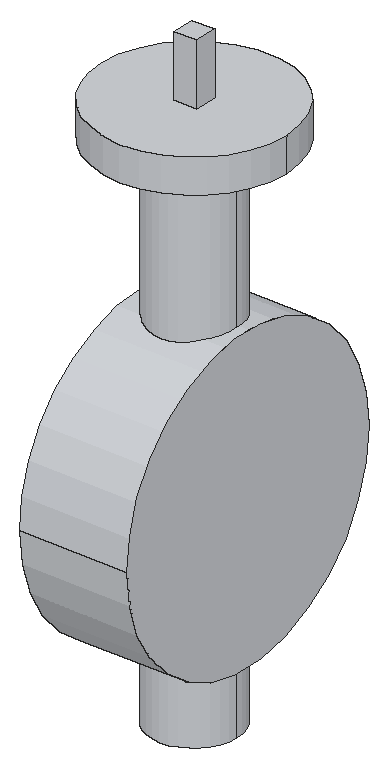
Revit family "HS497-67_disk-litina-volné vřeteno DN100-RFA_2019", category Pipe Accessories, Revit 2019
Family settings
  Round Connector Dimension = Use Diameter
  Part Type = Valve - Breaks Into
  Work Plane-Based = No
  Always vertical = Yes
  Cut with Voids When Loaded = No
  Shared = No
Parameters (values of type "HS 497-67_DN100_PN16_volné vřeteno")
  magiProductId = "65d1b245f4f142c78569c0602d5754"
  magiProductFamilyId = "53cea81e6f374d17b8841d9c72ad77"
  magiPartTypeId = 305
  isMeasuringValve [instance] = no
  ang2D [instance] = 0.00°
  X11 = 61.456 mm
  X1 = 25.456 mm
  W2D = 1000 mm
  VersionID = "2.0/2017.9.26.1/ZETKAMA_497_001"
  Use Minimum Symbol Size [instance] = yes
  URL = "http://www.hydronic.cz"
  Type Comments = "mezipřírubová; litinový disk; PN16; -10~+110°C (krátkodobě +120°C)"
  SW30 = no
  SW3 = no
  SW21 = no
  SW20 = no
  SW2 = no
  SW1 = yes
  R = 50 mm
  QmdConnectorList = "301;D;302;D"
  Productdata [instance] = ""
  NC = 50 mm
  Model = ""
  Manufacturer = "Hydronic Systems Prague s.r.o."
  MM20 = 25.456 mm
  MC Product Code = "123 100 (litinový disk, s volným vřetenem; DN100; PN16, kvs512)"
  M41 = 66 mm
  M4 = 44 mm
  LHL = 220 mm
  LHH3 = 2.45 mm
  LHH1 = 46.55 mm
  LH1 = 73.333 mm
  L4R__ve = -L4R  # -12.8 mm
  L4R = 12.8 mm
  L42__ve = -L42  # -96 mm
  L42 = 96 mm
  L41__ve = -L41  # -19.2 mm
  L41 = 19.2 mm
  L2D_Min = 3048 mm
  L2D = 216 mm
  L2 = 26 mm
  L1 = 41.6 mm
  L = 52 mm
  H = 30 mm
  G22 = 11.25 mm
  G2 = 22.5 mm
  G1 = 90 mm
  G = 90 mm
  F = 11 mm
  E44 = 31.25 mm
  E42 = 62.5 mm
  E4 = 125 mm
  E23 = 4.9 mm
  E22 = 19.6 mm
  E21 = 9.8 mm
  Description = "Mezipřírubová uzavírací klapka s volným vřetenem; litinový disk, DN100; PN16; kvs512"
  DR2 = 50 mm
  DR = 147 mm
  DD1 = 15.625 mm
  DD = 12.5 mm
  D = 100 mm
  CAT0 = yes
  B2__ve = -B2  # -56 mm
  B2 = 56 mm
  A2 = 16.5 mm
  A1 = 98.5 mm
Types (43, lengths in mm): name | magiProductId | X11 | X1 | Type Comments | SW30 | SW3 | SW20 | SW2 | SW1 | R | NC | MM20 | MC Product Code | M41 | M4 | LHL | LHH3 | LHH1 | LH1 | L4R__ve | L4R | L42__ve | L42 | L41__ve | L41 | L2 | L1 | L | H | G | F | E44 | E42 | E4 | E23 | E22 | E21 | Description | DR2 | DR | DD1 | DD | D | B2__ve | B2 | A2 | A1
  HS 497-67_DN100_PN16_volné vřeteno | "65d1b245f4f142c78569c0602d5754" | 61.456 | 25.456 | "mezipřírubová; litinový disk; PN16; -10~+110°C (krátkodobě +120°C)" | no | no | no | no | yes | 50 | 50 | 25.456 | "123 100 (litinový disk, s volným vřetenem; DN100; PN16, kvs512)" | 66 | 44 | 220 | 2.45 | 46.55 | 73.333 | -12.8 | 12.8 | -96 | 96 | -19.2 | 19.2 | 26 | 41.6 | 52 | 30 | 90 | 11 | 31.25 | 62.5 | 125 | 4.9 | 19.6 | 9.8 | "Mezipřírubová uzavírací klapka s volným vřetenem; litinový disk, DN100; PN16; kvs512" | 50 | 147 | 15.625 | 12.5 | 100 | -56 | 56 | 16.5 | 98.5
  HS 497-67_DN100_PN16_převodové kolo | "11e91b807e674d428c8e796fcdcfe2" | 61.456 | 25.456 | "mezipřírubová; litinový disk; PN16; -10~+110°C (krátkodobě +120°C)" | yes | yes | no | no | no | 50 | 50 | 25.456 | "125 100 (litinový disk, s převodovým kolem; DN100; PN16, kvs512)" | 65.25 | 43.5 | 220 | 2.45 | 46.55 | 73.333 | -12.8 | 12.8 | -96 | 96 | -19.2 | 19.2 | 26 | 41.6 | 52 | 30 | 90 | 11 | 31.25 | 62.5 | 125 | 4.9 | 19.6 | 9.8 | "Mezipřírubová uzavírací klapka s převodovým kolem; litinový disk, DN100; PN16; kvs512" | 50 | 147 | 15.625 | 12.5 | 100 | -56 | 56 | 16.5 | 98.5
  HS 497-67_DN100_PN16_s pákou | "28172f0b3f4b47b28323ac71cf8749" | 61.456 | 25.456 | "mezipřírubová; litinový disk; PN16; -10~+110°C (krátkodobě +120°C)" | no | no | yes | yes | no | 50 | 50 | 25.456 | "120 100 (litinový disk, s pákou; DN100; PN16, kvs512)" | 66 | 44 | 260 | 3 | 57 | 86.667 | -12.8 | 12.8 | -96 | 96 | -19.2 | 19.2 | 26 | 41.6 | 52 | 30 | 90 | 11 | 31.25 | 62.5 | 125 | 6 | 24 | 12 | "Mezipřírubová uzavírací klapka s pákou; litinový disk, DN100; PN16; kvs512" | 50 | 147 | 15.625 | 12.5 | 100 | -56 | 56 | 16.5 | 98.5
  HS 497-67_DN125_PN16_volné vřeteno | "0d813d910fc14f628bb3c2efbd185c" | 61.456 | 25.456 | "mezipřírubová; litinový disk; PN16; -10~+110°C (krátkodobě +120°C)" | no | no | no | no | yes | 62.5 | 50 | 25.456 | "123 125 (litinový disk, s volným vřetenem; DN125; PN16, kvs872)" | 66 | 44 | 220 | 2.45 | 46.55 | 73.333 | -12.8 | 12.8 | -96 | 96 | -19.2 | 19.2 | 28 | 44.8 | 56 | 33 | 90 | 14 | 31.25 | 62.5 | 125 | 4.9 | 19.6 | 9.8 | "Mezipřírubová uzavírací klapka s volným vřetenem; litinový disk, DN125; PN16; kvs872" | 62.5 | 180 | 15.625 | 12.5 | 125 | -64 | 64 | 18 | 99.5
  HS 497-67_DN125_PN16_převodové kolo | "c56b7c13f372467684996fb1e0e229" | 61.456 | 25.456 | "mezipřírubová; litinový disk; PN16; -10~+110°C (krátkodobě +120°C)" | yes | yes | no | no | no | 62.5 | 50 | 25.456 | "125 125 (litinový disk, s převodovým kolem; DN125; PN16, kvs872)" | 65.25 | 43.5 | 220 | 2.45 | 46.55 | 73.333 | -13.5 | 13.5 | -101.25 | 101.25 | -20.25 | 20.25 | 28 | 44.8 | 56 | 33 | 90 | 14 | 40 | 80 | 160 | 4.9 | 19.6 | 9.8 | "Mezipřírubová uzavírací klapka s převodovým kolem; litinový disk, DN125; PN16; kvs872" | 62.5 | 180 | 20 | 16 | 125 | -64 | 64 | 18 | 99.5
  HS 497-67_DN125_PN16_s pákou | "105993c79a91492399feef7931321a" | 61.456 | 25.456 | "mezipřírubová; litinový disk; PN16; -10~+110°C (krátkodobě +120°C)" | no | no | yes | yes | no | 62.5 | 50 | 25.456 | "120 125 (litinový disk, s pákou; DN125; PN16, kvs872)" | 66 | 44 | 315 | 3.75 | 71.25 | 105 | -12.8 | 12.8 | -96 | 96 | -19.2 | 19.2 | 28 | 44.8 | 56 | 33 | 90 | 14 | 31.25 | 62.5 | 125 | 7.5 | 30 | 15 | "Mezipřírubová uzavírací klapka s pákou; litinový disk, DN125; PN16; kvs872" | 62.5 | 180 | 15.625 | 12.5 | 125 | -64 | 64 | 18 | 99.5
  HS 497-67_DN150_PN16_volné vřeteno | "50c80cb8ab434f55ab7796e5ac1331" | 61.456 | 25.456 | "mezipřírubová; litinový disk; PN16; -10~+110°C (krátkodobě +120°C)" | no | no | no | no | yes | 75 | 50 | 25.456 | "123 150 (litinový disk, s volným vřetenem; DN150; PN16, kvs1347)" | 66 | 44 | 220 | 2.45 | 46.55 | 73.333 | -12.8 | 12.8 | -96 | 96 | -19.2 | 19.2 | 28 | 44.8 | 56 | 33 | 90 | 14 | 31.25 | 62.5 | 125 | 4.9 | 19.6 | 9.8 | "Mezipřírubová uzavírací klapka s volným vřetenem; litinový disk, DN150; PN16; kvs1347" | 75 | 206 | 15.625 | 12.5 | 150 | -58 | 58 | 19.3 | 98.7
  HS 497-67_DN150_PN16_převodové kolo | "d94a1a0cf83b476eb10011b327f709" | 61.456 | 25.456 | "mezipřírubová; litinový disk; PN16; -10~+110°C (krátkodobě +120°C)" | yes | yes | no | no | no | 75 | 50 | 25.456 | "125 150 (litinový disk, s převodovým kolem; DN150; PN16, kvs1347)" | 65.25 | 43.5 | 220 | 2.45 | 46.55 | 73.333 | -13.5 | 13.5 | -101.25 | 101.25 | -20.25 | 20.25 | 28 | 44.8 | 56 | 33 | 90 | 14 | 40 | 80 | 160 | 4.9 | 19.6 | 9.8 | "Mezipřírubová uzavírací klapka s převodovým kolem; litinový disk, DN150; PN16; kvs1347" | 75 | 206 | 20 | 16 | 150 | -58 | 58 | 19.3 | 98.7
  HS 497-67_DN150_PN16_s pákou | "4d2835523fe84828bc50ff0a5a0dfb" | 61.456 | 25.456 | "mezipřírubová; litinový disk; PN16; -10~+110°C (krátkodobě +120°C)" | no | no | yes | yes | no | 75 | 50 | 25.456 | "120 150 (litinový disk, s pákou; DN150; PN16, kvs1347)" | 66 | 44 | 315 | 3.75 | 71.25 | 105 | -12.8 | 12.8 | -96 | 96 | -19.2 | 19.2 | 28 | 44.8 | 56 | 33 | 90 | 14 | 31.25 | 62.5 | 125 | 7.5 | 30 | 15 | "Mezipřírubová uzavírací klapka s pákou; litinový disk, DN150; PN16; kvs1347" | 75 | 206 | 15.625 | 12.5 | 150 | -58 | 58 | 19.3 | 98.7
  HS 497-67_DN200_PN16_volné vřeteno | "5b29029eaeba47139ee1055a4b9201" | 61.456 | 25.456 | "mezipřírubová; litinový disk; PN16; -10~+110°C (krátkodobě +120°C)" | no | no | no | no | yes | 100 | 50 | 25.456 | "123 200 (litinový disk, s volným vřetenem; DN200; PN16, kvs2675)" | 66 | 44 | 220 | 2.45 | 46.55 | 73.333 | -12.8 | 12.8 | -96 | 96 | -19.2 | 19.2 | 30 | 48 | 60 | 33 | 90 | 17 | 31.25 | 62.5 | 125 | 4.9 | 19.6 | 9.8 | "Mezipřírubová uzavírací klapka s volným vřetenem; litinový disk, DN200; PN16; kvs2675" | 100 | 257 | 15.625 | 12.5 | 200 | -70 | 70 | 22.5 | 102.5
  HS 497-67_DN200_PN16_převodové kolo | "b2793cc1fcc44cf2a35062cd67c04f" | 61.456 | 25.456 | "mezipřírubová; litinový disk; PN16; -10~+110°C (krátkodobě +120°C)" | yes | yes | no | no | no | 100 | 57 | 25.456 | "125 200 (litinový disk, s převodovým kolem; DN200; PN16, kvs2675)" | 78.75 | 52.5 | 220 | 2.45 | 46.55 | 73.333 | -15.2 | 15.2 | -114 | 114 | -22.8 | 22.8 | 30 | 48 | 60 | 33 | 90 | 17 | 50 | 100 | 200 | 4.9 | 19.6 | 9.8 | "Mezipřírubová uzavírací klapka s převodovým kolem; litinový disk, DN200; PN16; kvs2675" | 100 | 257 | 25 | 20 | 200 | -70 | 70 | 22.5 | 102.5
  HS 497-67_DN200_PN16_s pákou | "f88d96c7af224537a51e72d7d8fffe" | 61.456 | 25.456 | "mezipřírubová; litinový disk; PN16; -10~+110°C (krátkodobě +120°C)" | no | no | yes | yes | no | 100 | 50 | 25.456 | "120 200 (litinový disk, s pákou; DN200; PN16, kvs2675)" | 66 | 44 | 315 | 3.75 | 71.25 | 105 | -12.8 | 12.8 | -96 | 96 | -19.2 | 19.2 | 30 | 48 | 60 | 33 | 90 | 17 | 31.25 | 62.5 | 125 | 7.5 | 30 | 15 | "Mezipřírubová uzavírací klapka s pákou; litinový disk, DN200; PN16; kvs2675" | 100 | 257 | 15.625 | 12.5 | 200 | -70 | 70 | 22.5 | 102.5
  HS 497-67_DN250_PN16_volné vřeteno | "b662e8305ca2402b9c510e66e6aa55" | 88.77 | 36.77 | "mezipřírubová; litinový disk; PN16; -10~+110°C (krátkodobě +120°C)" | no | no | no | no | yes | 125 | 50 | 36.77 | "123 250 (litinový disk, s volným vřetenem; DN250; PN16, kvs4555)" | 66 | 44 | 220 | 2.45 | 46.55 | 73.333 | -12.8 | 12.8 | -96 | 96 | -19.2 | 19.2 | 34 | 54.4 | 68 | 23 | 130 | 22 | 31.25 | 62.5 | 125 | 4.9 | 19.6 | 9.8 | "Mezipřírubová uzavírací klapka s volným vřetenem; litinový disk, DN250; PN16; kvs4555" | 125 | 324 | 15.625 | 12.5 | 250 | -85 | 85 | 28.25 | 129.25
  HS 497-67_DN250_PN16_převodové kolo | "5ee9016806664ddfaa2632711f295c" | 88.77 | 36.77 | "mezipřírubová; litinový disk; PN16; -10~+110°C (krátkodobě +120°C)" | yes | yes | no | no | no | 125 | 70 | 36.77 | "125 250 (litinový disk, s převodovým kolem; DN250; PN16, kvs4555)" | 91.5 | 61 | 220 | 2.45 | 46.55 | 73.333 | -22.2 | 22.2 | -166.5 | 166.5 | -33.3 | 33.3 | 34 | 54.4 | 68 | 23 | 130 | 22 | 62.5 | 125 | 250 | 4.9 | 19.6 | 9.8 | "Mezipřírubová uzavírací klapka s převodovým kolem; litinový disk, DN250; PN16; kvs4555" | 125 | 324 | 31.25 | 25 | 250 | -85 | 85 | 28.25 | 129.25
  HS 497-67_DN300_PN16_volné vřeteno | "e1886f51ff004380a649519258edf2" | 88.77 | 36.77 | "mezipřírubová; litinový disk; PN16; -10~+110°C (krátkodobě +120°C)" | no | no | no | no | yes | 150 | 50 | 36.77 | "123 300 (litinový disk, s volným vřetenem; DN300; PN16, kvs7037)" | 66 | 44 | 220 | 2.45 | 46.55 | 73.333 | -12.8 | 12.8 | -96 | 96 | -19.2 | 19.2 | 39 | 62.4 | 78 | 23 | 130 | 22 | 31.25 | 62.5 | 125 | 4.9 | 19.6 | 9.8 | "Mezipřírubová uzavírací klapka s volným vřetenem; litinový disk, DN300; PN16; kvs7037" | 150 | 376 | 15.625 | 12.5 | 300 | -90 | 90 | 30.8 | 127.2
  HS 497-67_DN300_PN16_převodové kolo | "6860f094f77d42088fbebc3c97f755" | 88.77 | 36.77 | "mezipřírubová; litinový disk; PN16; -10~+110°C (krátkodobě +120°C)" | yes | yes | no | no | no | 150 | 70 | 36.77 | "125 300 (litinový disk, s převodovým kolem; DN300; PN16, kvs7037)" | 91.5 | 61 | 220 | 2.45 | 46.55 | 73.333 | -22.2 | 22.2 | -166.5 | 166.5 | -33.3 | 33.3 | 39 | 62.4 | 78 | 23 | 130 | 22 | 62.5 | 125 | 250 | 4.9 | 19.6 | 9.8 | "Mezipřírubová uzavírací klapka s převodovým kolem; litinový disk, DN300; PN16; kvs7037" | 150 | 376 | 31.25 | 25 | 300 | -90 | 90 | 30.8 | 127.2
  HS 497-67_DN032_PN16_volné vřeteno | "8c5f65de52aa4067a77564107e31b2" | 61.456 | 25.456 | "mezipřírubová; litinový disk; PN16; -10~+110°C (krátkodobě +120°C)" | no | no | no | no | yes | 16 | 50 | 25.456 | "123 032 (litinový disk, s volným vřetenem; DN32; PN16, kvs78)" | 66 | 44 | 220 | 2.45 | 46.55 | 73.333 | -12.8 | 12.8 | -96 | 96 | -19.2 | 19.2 | 16.5 | 26.4 | 33 | 30 | 90 | 11 | 31.25 | 62.5 | 125 | 4.9 | 19.6 | 9.8 | "Mezipřírubová uzavírací klapka s volným vřetenem; litinový disk, DN32; PN16; kvs78" | 16 | 68 | 15.625 | 12.5 | 32 | -44.2 | 44.2 | 10.25 | 76.25
  HS 497-67_DN032_PN16_převodové kolo | "60aaeffa8b3a4e809ef000e4660060" | 61.456 | 25.456 | "mezipřírubová; litinový disk; PN16; -10~+110°C (krátkodobě +120°C)" | yes | yes | no | no | no | 16 | 50 | 25.456 | "125 032 (litinový disk, s převodovým kolem; DN32; PN16, kvs78)" | 65.25 | 43.5 | 220 | 2.45 | 46.55 | 73.333 | -12.8 | 12.8 | -96 | 96 | -19.2 | 19.2 | 16.5 | 26.4 | 33 | 30 | 90 | 11 | 31.25 | 62.5 | 125 | 4.9 | 19.6 | 9.8 | "Mezipřírubová uzavírací klapka s převodovým kolem; litinový disk, DN32; PN16; kvs78" | 16 | 68 | 15.625 | 12.5 | 32 | -44.2 | 44.2 | 10.25 | 76.25
  HS 497-67_DN032_PN16_s pákou | "9ad8088d610749a1b871aa2aad8007" | 61.456 | 25.456 | "mezipřírubová; litinový disk; PN16; -10~+110°C (krátkodobě +120°C)" | no | no | yes | yes | no | 16 | 50 | 25.456 | "120 032 (litinový disk, s pákou; DN32; PN16, kvs78)" | 66 | 44 | 220 | 2.45 | 46.55 | 73.333 | -12.8 | 12.8 | -96 | 96 | -19.2 | 19.2 | 16.5 | 26.4 | 33 | 30 | 90 | 11 | 31.25 | 62.5 | 125 | 4.9 | 19.6 | 9.8 | "Mezipřírubová uzavírací klapka s pákou; litinový disk, DN32; PN16; kvs78" | 16 | 68 | 15.625 | 12.5 | 32 | -44.2 | 44.2 | 10.25 | 76.25
  HS 497-67_DN350_PN10_volné vřeteno | "72a1e05f22944421b7e9596a877137" | 109.255 | 45.255 | "mezipřírubová; litinový disk; PN10; -10~+110°C (krátkodobě +120°C)" | no | no | no | no | yes | 175 | 50 | 45.255 | "123 350 (litinový disk, s volným vřetenem; DN350; PN10, kvs10165)" | 66 | 44 | 220 | 2.45 | 46.55 | 73.333 | -12.8 | 12.8 | -96 | 96 | -19.2 | 19.2 | 39 | 62.4 | 78 | 31 | 160 | 22 | 31.25 | 62.5 | 125 | 4.9 | 19.6 | 9.8 | "Mezipřírubová uzavírací klapka s volným vřetenem; litinový disk, DN350; PN10; kvs10165" | 175 | 430 | 15.625 | 12.5 | 350 | -88 | 88 | 33.85 | 129.65
  HS 497-67_DN350_PN10_převodové kolo | "a5a01426cb28494ba3afca92f1dace" | 109.255 | 45.255 | "mezipřírubová; litinový disk; PN10; -10~+110°C (krátkodobě +120°C)" | yes | yes | no | no | no | 175 | 70 | 45.255 | "125 350 (litinový disk, s převodovým kolem; DN350; PN10, kvs10165)" | 91.5 | 61 | 220 | 2.45 | 46.55 | 73.333 | -22.2 | 22.2 | -166.5 | 166.5 | -33.3 | 33.3 | 39 | 62.4 | 78 | 31 | 160 | 22 | 62.5 | 125 | 250 | 4.9 | 19.6 | 9.8 | "Mezipřírubová uzavírací klapka s převodovým kolem; litinový disk, DN350; PN10; kvs10165" | 175 | 430 | 31.25 | 25 | 350 | -88 | 88 | 33.85 | 129.65
  HS 497-67_DN400_PN10_volné vřeteno | "c70ebeb927c04ab99b176e257ad0a7" | 109.255 | 45.255 | "mezipřírubová; litinový disk; PN10; -10~+110°C (krátkodobě +120°C)" | no | no | no | no | yes | 200 | 50 | 45.255 | "123 400 (litinový disk, s volným vřetenem; DN400; PN10, kvs13799)" | 66 | 44 | 220 | 2.45 | 46.55 | 73.333 | -12.8 | 12.8 | -96 | 96 | -19.2 | 19.2 | 51 | 81.6 | 102 | 31 | 160 | 27 | 31.25 | 62.5 | 125 | 4.9 | 19.6 | 9.8 | "Mezipřírubová uzavírací klapka s volným vřetenem; litinový disk, DN400; PN10; kvs13799" | 200 | 485 | 15.625 | 12.5 | 400 | -108 | 108 | 38 | 142
  HS 497-67_DN400_PN10_převodové kolo | "cc64a4384dcb41b780d81810f4f293" | 109.255 | 45.255 | "mezipřírubová; litinový disk; PN10; -10~+110°C (krátkodobě +120°C)" | yes | yes | no | no | no | 200 | 72.5 | 45.255 | "125 400 (litinový disk, s převodovým kolem; DN400; PN10, kvs13799)" | 103.5 | 69 | 220 | 2.45 | 46.55 | 73.333 | -27.8 | 27.8 | -208.5 | 208.5 | -41.7 | 41.7 | 51 | 81.6 | 102 | 31 | 160 | 27 | 75 | 150 | 300 | 4.9 | 19.6 | 9.8 | "Mezipřírubová uzavírací klapka s převodovým kolem; litinový disk, DN400; PN10; kvs13799" | 200 | 485 | 37.5 | 30 | 400 | -108 | 108 | 38 | 142
  HS 497-67_DN040_PN16_volné vřeteno | "35f92312390745e88df5b5c325d9ee" | 61.456 | 25.456 | "mezipřírubová; litinový disk; PN16; -10~+110°C (krátkodobě +120°C)" | no | no | no | no | yes | 20 | 50 | 25.456 | "123 040 (litinový disk, s volným vřetenem; DN40; PN16, kvs78)" | 66 | 44 | 220 | 2.45 | 46.55 | 73.333 | -12.8 | 12.8 | -96 | 96 | -19.2 | 19.2 | 16.5 | 26.4 | 33 | 30 | 90 | 11 | 31.25 | 62.5 | 125 | 4.9 | 19.6 | 9.8 | "Mezipřírubová uzavírací klapka s volným vřetenem; litinový disk, DN40; PN16; kvs78" | 20 | 76 | 15.625 | 12.5 | 40 | -36 | 36 | 11 | 79
  HS 497-67_DN040_PN16_převodové kolo | "d88e968eae3445bc9b7b4e6ff35127" | 61.456 | 25.456 | "mezipřírubová; litinový disk; PN16; -10~+110°C (krátkodobě +120°C)" | yes | yes | no | no | no | 20 | 50 | 25.456 | "125 040 (litinový disk, s převodovým kolem; DN40; PN16, kvs78)" | 65.25 | 43.5 | 220 | 2.45 | 46.55 | 73.333 | -12.8 | 12.8 | -96 | 96 | -19.2 | 19.2 | 16.5 | 26.4 | 33 | 30 | 90 | 11 | 31.25 | 62.5 | 125 | 4.9 | 19.6 | 9.8 | "Mezipřírubová uzavírací klapka s převodovým kolem; litinový disk, DN40; PN16; kvs78" | 20 | 76 | 15.625 | 12.5 | 40 | -36 | 36 | 11 | 79
  HS 497-67_DN040_PN16_s pákou | "c1b522ca65b4407a98818f232eaacb" | 61.456 | 25.456 | "mezipřírubová; litinový disk; PN16; -10~+110°C (krátkodobě +120°C)" | no | no | yes | yes | no | 20 | 50 | 25.456 | "120 040 (litinový disk, s pákou; DN40; PN16, kvs78)" | 66 | 44 | 220 | 2.45 | 46.55 | 73.333 | -12.8 | 12.8 | -96 | 96 | -19.2 | 19.2 | 16.5 | 26.4 | 33 | 30 | 90 | 11 | 31.25 | 62.5 | 125 | 4.9 | 19.6 | 9.8 | "Mezipřírubová uzavírací klapka s pákou; litinový disk, DN40; PN16; kvs78" | 20 | 76 | 15.625 | 12.5 | 40 | -36 | 36 | 11 | 79
  HS 497-67_DN450_PN10_volné vřeteno | "a8358bc282f14872b3194e530e590a" | 129.74 | 53.74 | "mezipřírubová; litinový disk; PN10; -10~+110°C (krátkodobě +120°C)" | no | no | no | no | yes | 225 | 50 | 53.74 | "123 450 (litinový disk, s volným vřetenem; DN450; PN10, kvs18514)" | 66 | 44 | 220 | 2.45 | 46.55 | 73.333 | -12.8 | 12.8 | -96 | 96 | -19.2 | 19.2 | 57 | 91.2 | 114 | 38 | 190 | 36 | 31.25 | 62.5 | 125 | 4.9 | 19.6 | 9.8 | "Mezipřírubová uzavírací klapka s volným vřetenem; litinový disk, DN450; PN10; kvs18514" | 225 | 536 | 15.625 | 12.5 | 450 | -115 | 115 | 38.05 | 117.45
  HS 497-67_DN450_PN10_převodové kolo | "cdf2d80f54a9414f9cbe50647c0ebd" | 129.74 | 53.74 | "mezipřírubová; litinový disk; PN10; -10~+110°C (krátkodobě +120°C)" | yes | yes | no | no | no | 225 | 91.5 | 53.74 | "125 450 (litinový disk, s převodovým kolem; DN450; PN10, kvs18514)" | 144.75 | 96.5 | 220 | 2.45 | 46.55 | 73.333 | -32.1 | 32.1 | -240.75 | 240.75 | -48.15 | 48.15 | 57 | 91.2 | 114 | 38 | 190 | 36 | 100 | 200 | 400 | 4.9 | 19.6 | 9.8 | "Mezipřírubová uzavírací klapka s převodovým kolem; litinový disk, DN450; PN10; kvs18514" | 225 | 536 | 50 | 40 | 450 | -115 | 115 | 38.05 | 117.45
  HS 497-67_DN500_PN10_volné vřeteno | "8c396e27bb2743f98f3c762b6517cd" | 143.397 | 59.397 | "mezipřírubová; litinový disk; PN10; -10~+110°C (krátkodobě +120°C)" | no | no | no | no | yes | 250 | 50 | 59.397 | "123 500 (litinový disk, s volným vřetenem; DN500; PN10, kvs23805)" | 66 | 44 | 220 | 2.45 | 46.55 | 73.333 | -12.8 | 12.8 | -96 | 96 | -19.2 | 19.2 | 63.5 | 101.6 | 127 | 38 | 210 | 36 | 31.25 | 62.5 | 125 | 4.9 | 19.6 | 9.8 | "Mezipřírubová uzavírací klapka s volným vřetenem; litinový disk, DN500; PN10; kvs23805" | 250 | 593 | 15.625 | 12.5 | 500 | -130 | 130 | 43.25 | 139.25
  HS 497-67_DN500_PN10_převodové kolo | "7647804f32e94cef828a7034a91a46" | 143.397 | 59.397 | "mezipřírubová; litinový disk; PN10; -10~+110°C (krátkodobě +120°C)" | yes | yes | no | no | no | 250 | 91.5 | 59.397 | "125 500 (litinový disk, s převodovým kolem; DN500; PN10, kvs23805)" | 144.75 | 96.5 | 220 | 2.45 | 46.55 | 73.333 | -32.1 | 32.1 | -240.75 | 240.75 | -48.15 | 48.15 | 63.5 | 101.6 | 127 | 38 | 210 | 36 | 100 | 200 | 400 | 4.9 | 19.6 | 9.8 | "Mezipřírubová uzavírací klapka s převodovým kolem; litinový disk, DN500; PN10; kvs23805" | 250 | 593 | 50 | 40 | 500 | -130 | 130 | 43.25 | 139.25
  HS 497-67_DN050_volné vřeteno | "d71f296ecd6d4adf8f6e5d9853b4e0" | 61.456 | 25.456 | "mezipřírubová; litinový disk; PN16; -10~+110°C (krátkodobě +120°C)" | no | no | no | no | yes | 25 | 50 | 25.456 | "123 050 (litinový disk, s volným vřetenem; DN50; PN16, kvs98)" | 66 | 44 | 220 | 2.45 | 46.55 | 73.333 | -12.8 | 12.8 | -96 | 96 | -19.2 | 19.2 | 21.5 | 34.4 | 43 | 30 | 90 | 11 | 31.25 | 62.5 | 125 | 4.9 | 19.6 | 9.8 | "Mezipřírubová uzavírací klapka s volným vřetenem; litinový disk, DN50; PN16; kvs98" | 25 | 100 | 15.625 | 12.5 | 50 | -36.5 | 36.5 | 12 | 83
  HS 497-67_DN050_PN16_převodové kolo | "2fb080deeaed49c58418b94c1da5a4" | 61.456 | 25.456 | "mezipřírubová; litinový disk; PN16; -10~+110°C (krátkodobě +120°C)" | yes | yes | no | no | no | 25 | 50 | 25.456 | "125 050 (litinový disk, s převodovým kolem; DN50; PN16, kvs98)" | 65.25 | 43.5 | 220 | 2.45 | 46.55 | 73.333 | -12.8 | 12.8 | -96 | 96 | -19.2 | 19.2 | 21.5 | 34.4 | 43 | 30 | 90 | 11 | 31.25 | 62.5 | 125 | 4.9 | 19.6 | 9.8 | "Mezipřírubová uzavírací klapka s převodovým kolem; litinový disk, DN50; PN16; kvs98" | 25 | 100 | 15.625 | 12.5 | 50 | -36.5 | 36.5 | 12 | 83
  HS 497-67_DN050_PN16_s pákou | "dabc632061f94877a994b9b4e68112" | 61.456 | 25.456 | "mezipřírubová; litinový disk; PN16; -10~+110°C (krátkodobě +120°C)" | no | no | yes | yes | no | 25 | 50 | 25.456 | "120 050 (litinový disk, s pákou; DN50; PN16, kvs98)" | 66 | 44 | 220 | 2.45 | 46.55 | 73.333 | -12.8 | 12.8 | -96 | 96 | -19.2 | 19.2 | 21.5 | 34.4 | 43 | 30 | 90 | 11 | 31.25 | 62.5 | 125 | 4.9 | 19.6 | 9.8 | "Mezipřírubová uzavírací klapka s pákou; litinový disk, DN50; PN16; kvs98" | 25 | 100 | 15.625 | 12.5 | 50 | -36.5 | 36.5 | 12 | 83
  HS 497-67_DN600_PN10_volné vřeteno | "99d5892c14664fce81a7c5903f7711" | 143.397 | 59.397 | "mezipřírubová; litinový disk; PN10; -10~+110°C (krátkodobě +120°C)" | no | no | no | no | yes | 300 | 50 | 59.397 | "123 600 (litinový disk, s volným vřetenem; DN600; PN10, kvs36778)" | 66 | 44 | 220 | 2.45 | 46.55 | 73.333 | -12.8 | 12.8 | -96 | 96 | -19.2 | 19.2 | 77 | 123.2 | 154 | 80 | 210 | 60 | 31.25 | 62.5 | 125 | 4.9 | 19.6 | 9.8 | "Mezipřírubová uzavírací klapka s volným vřetenem; litinový disk, DN600; PN10; kvs36788" | 300 | 690 | 15.625 | 12.5 | 600 | -140 | 140 | 49.4 | 144.6
  HS 497-67_DN600_PN10_převodové kolo | "b1e26faab48a4c499f6bb11e7e3002" | 143.397 | 59.397 | "mezipřírubová; litinový disk; PN10; -10~+110°C (krátkodobě +120°C)" | yes | yes | no | no | no | 300 | 140 | 59.397 | "125 600 (litinový disk, s převodovým kolem; DN600; PN10, kvs36778)" | 206.25 | 137.5 | 220 | 2.45 | 46.55 | 73.333 | -40.8 | 40.8 | -306 | 306 | -61.2 | 61.2 | 77 | 123.2 | 154 | 80 | 210 | 60 | 125 | 250 | 500 | 4.9 | 19.6 | 9.8 | "Mezipřírubová uzavírací klapka s převodovým kolem; litinový disk, DN600; PN10; kvs36788" | 300 | 690 | 62.5 | 50 | 600 | -140 | 140 | 49.4 | 144.6
  HS 497-67_DN065_PN16_volné vřeteno | "5e5e208646e34ec29f889baab5d08e" | 61.456 | 25.456 | "mezipřírubová; litinový disk; PN16; -10~+110°C (krátkodobě +120°C)" | no | no | no | no | yes | 32.5 | 50 | 25.456 | "123 065 (litinový disk, s volným vřetenem; DN65; PN16, kvs167)" | 66 | 44 | 220 | 2.45 | 46.55 | 73.333 | -12.8 | 12.8 | -96 | 96 | -19.2 | 19.2 | 23 | 36.8 | 46 | 30 | 90 | 11 | 31.25 | 62.5 | 125 | 4.9 | 19.6 | 9.8 | "Mezipřírubová uzavírací klapka s volným vřetenem; litinový disk, DN65; PN16; kv167" | 32.5 | 108 | 15.625 | 12.5 | 65 | -36.5 | 36.5 | 13.5 | 89
  HS 497-67_DN065_PN16_převodové kolo | "654d74c8d15540b0bfe523d988ccb3" | 61.456 | 25.456 | "mezipřírubová; litinový disk; PN16; -10~+110°C (krátkodobě +120°C)" | yes | yes | no | no | no | 32.5 | 50 | 25.456 | "125 065 (litinový disk, s převodovým kolem; DN65; PN16, kvs167)" | 65.25 | 43.5 | 220 | 2.45 | 46.55 | 73.333 | -12.8 | 12.8 | -96 | 96 | -19.2 | 19.2 | 23 | 36.8 | 46 | 30 | 90 | 11 | 31.25 | 62.5 | 125 | 4.9 | 19.6 | 9.8 | "Mezipřírubová uzavírací klapka s převodovým kolem; litinový disk, DN65; PN16; kvs167" | 32.5 | 108 | 15.625 | 12.5 | 65 | -36.5 | 36.5 | 13.5 | 89
  HS 497-67_DN065_PN16_s pákou | "ebeb4b59db0641caaf6d6635ab37b9" | 61.456 | 25.456 | "mezipřírubová; litinový disk; PN16; -10~+110°C (krátkodobě +120°C)" | no | no | yes | yes | no | 32.5 | 50 | 25.456 | "120 065 (litinový disk, s pákou; DN65; PN16, kvs167)" | 66 | 44 | 220 | 2.45 | 46.55 | 73.333 | -12.8 | 12.8 | -96 | 96 | -19.2 | 19.2 | 23 | 36.8 | 46 | 30 | 90 | 11 | 31.25 | 62.5 | 125 | 4.9 | 19.6 | 9.8 | "Mezipřírubová uzavírací klapka s pákou; litinový disk, DN65; PN16; kvs167" | 32.5 | 108 | 15.625 | 12.5 | 65 | -36.5 | 36.5 | 13.5 | 89
  HS 497-67_DN080_PN16_volné vřeteno | "9e85c75c18654e1185a9c48ed6b00e" | 61.456 | 25.456 | "mezipřírubová; litinový disk; PN16; -10~+110°C (krátkodobě +120°C)" | no | no | no | no | yes | 40 | 50 | 25.456 | "123 080 (litinový disk, s volným vřetenem; DN80; PN16, kvs258)" | 66 | 44 | 220 | 2.45 | 46.55 | 73.333 | -12.8 | 12.8 | -96 | 96 | -19.2 | 19.2 | 23 | 36.8 | 46 | 30 | 90 | 11 | 31.25 | 62.5 | 125 | 4.9 | 19.6 | 9.8 | "Mezipřírubová uzavírací klapka s volným vřetenem; litinový disk, DN80; PN16; kvs258" | 40 | 124 | 15.625 | 12.5 | 80 | -54 | 54 | 14.1 | 86.9
  HS 497-67_DN080_PN16_převodové kolo | "5b3c8238c3d041e68c75b199e7ea46" | 61.456 | 25.456 | "mezipřírubová; litinový disk; PN16; -10~+110°C (krátkodobě +120°C)" | yes | yes | no | no | no | 40 | 50 | 25.456 | "125 080 (litinový disk, s převodovým kolem; DN80; PN16, kvs258)" | 65.25 | 43.5 | 220 | 2.45 | 46.55 | 73.333 | -12.8 | 12.8 | -96 | 96 | -19.2 | 19.2 | 23 | 36.8 | 46 | 30 | 90 | 11 | 31.25 | 62.5 | 125 | 4.9 | 19.6 | 9.8 | "Mezipřírubová uzavírací klapka s převodovým kolem; litinový disk, DN80; PN16; kvs258" | 40 | 124 | 15.625 | 12.5 | 80 | -54 | 54 | 14.1 | 86.9
  HS 497-67_DN080_PN16_s pákou | "e414795fab0f4eccb99bc3572c5477" | 61.456 | 25.456 | "mezipřírubová; litinový disk; PN16; -10~+110°C (krátkodobě +120°C)" | no | no | yes | yes | no | 40 | 50 | 25.456 | "120 080 (litinový disk, s pákou; DN80; PN16, kvs258)" | 66 | 44 | 260 | 3 | 57 | 86.667 | -12.8 | 12.8 | -96 | 96 | -19.2 | 19.2 | 23 | 36.8 | 46 | 30 | 90 | 11 | 31.25 | 62.5 | 125 | 6 | 24 | 12 | "Mezipřírubová uzavírací klapka s pákou; litinový disk, DN80; PN16; kvs258" | 40 | 124 | 15.625 | 12.5 | 80 | -54 | 54 | 14.1 | 86.9
  HS 497-67_DN250_PN16_s pákou | "" | 88.77 | 36.77 | "mezipřírubová; litinový disk; PN16; -10~+110°C (krátkodobě +120°C)" | no | no | yes | yes | no | 125 | 70 | 36.77 | "120 250 (litinový disk, s pákou; DN250; PN16, kvs4555)" | 91.5 | 61 | 220 | 2.45 | 46.55 | 73.333 | -22.2 | 22.2 | -166.5 | 166.5 | -33.3 | 33.3 | 34 | 54.4 | 68 | 23 | 130 | 22 | 62.5 | 125 | 250 | 4.9 | 19.6 | 9.8 | "Mezipřírubová uzavírací klapka s pákou; litinový disk, DN250; PN16; kvs4555" | 125 | 324 | 31.25 | 25 | 250 | -85 | 85 | 28.25 | 129.25
  HS 497-67_DN300_PN16_s pákou | "" | 88.77 | 36.77 | "mezipřírubová; litinový disk; PN16; -10~+110°C (krátkodobě +120°C)" | no | no | yes | yes | no | 150 | 70 | 36.77 | "120 300 (litinový disk, s pákou; DN300; PN16, kvs7037)" | 91.5 | 61 | 220 | 2.45 | 46.55 | 73.333 | -22.2 | 22.2 | -166.5 | 166.5 | -33.3 | 33.3 | 39 | 62.4 | 78 | 23 | 130 | 22 | 62.5 | 125 | 250 | 4.9 | 19.6 | 9.8 | "Mezipřírubová uzavírací klapka s pákou; litinový disk, DN300; PN16; kvs7037" | 150 | 376 | 31.25 | 25 | 300 | -90 | 90 | 30.8 | 127.2
Reference planes
  plane 1 "Center (Front/Back)": y = 0
  plane 2 "XYPLANE": z = 0
  plane 3 "Center (Left/Right)": x = 0
  plane 4 "473": x = -25.456
  plane 5 "472": x = -66
  plane 6 "471": y = -25.456
  plane 7 "470": y = 25.456
  plane 8 "469": x = -44
  plane 9 "468": y = -115.2
  plane 10 "467": y = -96
  plane 11 "466": z = 196.25
  plane 12 "465": z = 211.55
  plane 13 "464": y = 145.417
  plane 14 "463": z = 201.75
  plane 15 "462": z = 184.6
  plane 16 "461": z = 194.4
  plane 17 "460": y = 72.083
  plane 18 "459": x = -11.25
  plane 19 "458": x = 11.25
  plane 20 "457": y = -6.25
  plane 21 "456": x = -17.5
  plane 22 "455": x = 17.5
  plane 23 "454": z = 199.3
  plane 24 "453": y = 62.083
  plane 25 "452": y = -11.25
  plane 26 "451": x = -22.5
  plane 27 "450": x = 22.5
  plane 28 "449": z = 179.7
  plane 29 "448": z = 174.8
  plane 30 "447": z = -50
  plane 31 "446": z = 165
  plane 32 "445": z = 148.5
  plane 33 "444": z = 50
  plane 34 "443": x = 26
  plane 35 "442": x = -26
  plane 36 "441": z = 0
  plane 37 "440": y = 0
  plane 38 "439": x = 0
  plane 39 "438": z = 214
  plane 40 "437": z = 199.3
  plane 41 "436": x = 13.7
  plane 42 "435": x = -13.7
  plane 43 "434": y = 220
Forms (mm)
  Extrusion 1, solid, visible <- "SW3"
    sketch origin (-750, 0, 165) x (1, 0, 0) y (0, 1, 0)
      loop
        line (684, 25.456) -> (684, -25.456) -> (724.544, -25.456)
        arc (724.544, -25.456) -> (786, 0) -> (724.544, 25.456) r 36
        line (724.544, 25.456) -> (684, 25.456)
    from 0 to 62.5 <- "E42"
  Extrusion 2, solid, visible <- "SW30"
    sketch origin (0, -750, 0) x (0, 1, 0) y (0, 0, 1)
      loop
        circle (750, 196.25) r 7.813
    from 0 to 50 <- "NC"
  Extrusion 3, solid, visible <- "SW30"
    sketch origin (750, -115.2, 0) x (-1, 0, 0) y (0, 0, 1)
      loop
        circle (794, 196.25) r 62.5
    from 0 to -12.8 <- "L4R__ve"
  Extrusion 4, solid, visible <- "SW3"
    sketch origin (750, -96, 0) x (-1, 0, 0) y (0, 0, 1)
      loop
        circle (794, 196.25) r 7.813
    from 0 to -19.2 <- "L41__ve"
  Extrusion 5, solid, visible <- "SW30"
    sketch origin (750, 0, 0) x (-1, 0, 0) y (0, 0, 1)
      loop
        circle (794, 196.25) r 6.25
    from 0 to -96 <- "L42__ve"
  Blend 6, solid, visible <- "SW21"
    base sketch origin (750, 72.083, 0) x (-1, 0, 0) y (0, 0, 1)
      loop
        line (761.25, 194.4) -> (738.75, 194.4) -> (738.75, 184.6) -> (761.25, 184.6) -> (761.25, 194.4)
    top sketch origin (750, 72.083, 0) x (-1, 0, 0) y (0, 0, 1)
      loop
        line (761.25, 211.55) -> (738.75, 211.55) -> (738.75, 201.75) -> (761.25, 201.75) -> (761.25, 211.55)
    from 0 to 73.333
  Blend 7, solid, visible <- "SW21"
    base sketch origin (750, 62.083, 0) x (-1, 0, 0) y (0, 0, 1)
      loop
        line (761.25, 199.3) -> (738.75, 199.3) -> (738.75, 179.7) -> (761.25, 179.7) -> (761.25, 199.3)
    top sketch origin (750, 62.083, 0) x (-1, 0, 0) y (0, 0, 1)
      loop
        line (761.25, 194.4) -> (738.75, 194.4) -> (738.75, 184.6) -> (761.25, 184.6) -> (761.25, 194.4)
    from 0 to 10
  Blend 8, solid, visible <- "SW21"
    base sketch origin (-750, 0, 179.7) x (1, 0, 0) y (0, 1, 0)
      loop
        line (772.5, 62.083) -> (727.5, 62.083) -> (727.5, -11.25)
        arc (727.5, -11.25) -> (750, -31.25) -> (772.5, -11.25) r 22.656
        line (772.5, -11.25) -> (772.5, 62.083)
    top sketch origin (-750, 0, 179.7) x (1, 0, 0) y (0, 1, 0)
      loop
        line (767.5, 62.083) -> (732.5, 62.083) -> (732.5, -6.25)
        arc (732.5, -6.25) -> (750, -26.25) -> (767.5, -6.25) r 17.656
        line (767.5, -6.25) -> (767.5, 62.083)
    from 0 to 19.6
  Extrusion 9, solid, visible <- "SW2"
    sketch origin (-750, 0, 174.8) x (1, 0, 0) y (0, 1, 0)
      loop
        circle (750, 0) r 11.25
    from 0 to 4.9 <- "E23"
  Extrusion 10, solid, visible <- "SW2"
    sketch origin (-750, 0, 165) x (1, 0, 0) y (0, 1, 0)
      loop
        circle (750, 0) r 45
    from 0 to 9.8 <- "E21"
  Extrusion 11, solid, visible <- "CAT0"
    sketch origin (-750, 0, -50) x (1, 0, 0) y (0, 1, 0)
      loop
        circle (750, 0) r 20.8
    from 0 to -56 <- "B2__ve"
  Extrusion 12, solid, visible <- "CAT0"
    sketch origin (-750, 0, 148.5) x (1, 0, 0) y (0, 1, 0)
      loop
        circle (750, 0) r 45
    from 0 to 16.5 <- "A2"
  Extrusion 13, solid, visible <- "CAT0"
    sketch origin (-750, 0, 50) x (1, 0, 0) y (0, 1, 0)
      loop
        circle (750, 0) r 20.8
    from 0 to 98.5 <- "A1"
  Extrusion 14, solid, visible <- "CAT0"
    sketch origin (-26, -750, 0) x (0, 1, 0) y (0, 0, 1)
      loop
        circle (750, 0) r 73.5
    from 0 to 52 <- "L"
  Extrusion 15, solid, visible <- "SW1"
    sketch origin (-750, 0, 165) x (1, 0, 0) y (0, 1, 0)
      loop
        line (755.5, 5.5) -> (744.5, 5.5) -> (744.5, -5.5) -> (755.5, -5.5) -> (755.5, 5.5)
    from 0 to 30 <- "H"
  Blend 16, solid, visible <- "SW2"
    base sketch origin (750, 145.417, 0) x (-1, 0, 0) y (0, 0, 1)
      loop
        arc (763.7, 209) -> (762.236, 212.536) -> (758.7, 214) r 5
        line (758.7, 214) -> (741.3, 214)
        arc (741.3, 214) -> (737.764, 212.536) -> (736.3, 209) r 5
        line (736.3, 209) -> (736.3, 204.3)
        arc (736.3, 204.3) -> (737.764, 200.764) -> (741.3, 199.3) r 5
        line (741.3, 199.3) -> (758.7, 199.3)
        arc (758.7, 199.3) -> (762.236, 200.764) -> (763.7, 204.3) r 5
        line (763.7, 204.3) -> (763.7, 209)
    top sketch origin (750, 145.417, 0) x (-1, 0, 0) y (0, 0, 1)
      loop
        arc (763.7, 209) -> (762.236, 212.536) -> (758.7, 214) r 5
        line (758.7, 214) -> (741.3, 214)
        arc (741.3, 214) -> (737.764, 212.536) -> (736.3, 209) r 5
        line (736.3, 209) -> (736.3, 204.3)
        arc (736.3, 204.3) -> (737.764, 200.764) -> (741.3, 199.3) r 5
        line (741.3, 199.3) -> (758.7, 199.3)
        arc (758.7, 199.3) -> (762.236, 200.764) -> (763.7, 204.3) r 5
        line (763.7, 204.3) -> (763.7, 209)
    from 0 to 74.583
  Blend 17, solid, visible <- "SW20"
    base sketch origin (750, 145.417, 0) x (-1, 0, 0) y (0, 0, 1)
      loop
        line (763.7, 214) -> (736.3, 214) -> (736.3, 199.3) -> (763.7, 199.3) -> (763.7, 214)
    top sketch origin (750, 145.417, 0) x (-1, 0, 0) y (0, 0, 1)
      loop
        line (761.25, 199.3) -> (738.75, 199.3) -> (738.75, 179.7) -> (761.25, 179.7) -> (761.25, 199.3)
    from 0 to -83.333
  Extrusion 18, solid, visible <- "SW20"
    sketch origin (-750, 0, 179.7) x (1, 0, 0) y (0, 1, 0)
      loop
        line (772.5, 62.083) -> (727.5, 62.083) -> (727.5, -11.25)
        arc (727.5, -11.25) -> (750, -31.25) -> (772.5, -11.25) r 22.656
        line (772.5, -11.25) -> (772.5, 62.083)
    from 0 to 19.6 <- "E22"
  Extrusion 19, solid, not visible
    sketch origin (-26, -750, 0) x (0, 1, 0) y (0, 0, 1)
      loop
        circle (750, 0) r 10
    from 0 to 10
  Extrusion 20, solid, not visible
    sketch origin (26, -750, 0) x (0, 1, 0) y (0, 0, 1)
      loop
        circle (750, 0) r 10
    from 0 to -10
Lines and regions (mm)
  reference lines, not visible
    curve 1: circle (2, 2, 0) r 1 normal (0, 0, 1)
  reference lines
    curve 2: line (-25.456, -25.456, 165) -> (-25.456, 25.456, 165)
    curve 3: line (-17.5, -6.25, 179.7) -> (17.5, -6.25, 179.7)
    curve 4: line (-22.5, -11.25, 179.7) -> (22.5, -11.25, 179.7)
    curve 5: circle (0, 0, 165) r 1 normal (0, 0, 1)
    curve 6: line (-22.5, -11.25, 179.7) -> (22.5, -11.25, 179.7)
Dimensions and locks
  plane 1 "Center (Front/Back)" to curve 1 = 2 mm
  "X1": plane 3 "Center (Left/Right)" to plane 4 "473"
  "M41": plane 3 "Center (Left/Right)" to plane 5 "472"
  "MM20": plane 1 "Center (Front/Back)" to plane 6 "471"
  "MM20": plane 1 "Center (Front/Back)" to plane 7 "470"
  "M4": plane 3 "Center (Left/Right)" to plane 8 "469"
  "L41": plane 10 "467" to plane 9 "468"
  "L42": plane 1 "Center (Front/Back)" to plane 10 "467"
  "E44": plane 31 "446" to plane 11 "466"
  "LHH1": plane 31 "446" to plane 12 "465"
  "LH1": plane 17 "460" to plane 13 "464"
  "E21": plane 12 "465" to plane 14 "463"
  "E21": plane 16 "461" to plane 15 "462"
  "E23": plane 23 "454" to plane 16 "461"
  locked: plane 24 "453" to plane 17 "460" at 10
  "G22": plane 3 "Center (Left/Right)" to plane 18 "459"
  "G22": plane 3 "Center (Left/Right)" to plane 19 "458"
  locked: plane 25 "452" to plane 20 "457" at 5
  locked: plane 26 "451" to plane 21 "456" at 5
  locked: plane 27 "450" to plane 22 "455" at 5
  "E22": plane 28 "449" to plane 23 "454"
  "LH1": plane 25 "452" to plane 24 "453"
  "G22": plane 1 "Center (Front/Back)" to plane 25 "452"
  "G2": plane 3 "Center (Left/Right)" to plane 26 "451"
  "G2": plane 3 "Center (Left/Right)" to plane 27 "450"
  "E23": plane 29 "448" to plane 28 "449"
  "E21": plane 31 "446" to plane 29 "448"
  "R": plane 2 "XYPLANE" to plane 30 "447"
  "A2": plane 32 "445" to plane 31 "446"
  "A1": plane 33 "444" to plane 32 "445"
  "DR2": plane 2 "XYPLANE" to plane 33 "444"
  "L2": plane 3 "Center (Left/Right)" to plane 34 "443"
  "L2": plane 3 "Center (Left/Right)" to plane 35 "442"
  locked: plane 2 "XYPLANE" to plane 36 "441"
  locked: plane 1 "Center (Front/Back)" to plane 37 "440"
  locked: plane 3 "Center (Left/Right)" to plane 38 "439"
  "LHH3": plane 12 "465" to plane 39 "438"
  "LHH3": plane 14 "463" to plane 40 "437"
  "LHH3": plane 19 "458" to plane 41 "436"
  "LHH3": plane 18 "459" to plane 42 "435"
  "LHL": plane 1 "Center (Front/Back)" to plane 43 "434"
  "X11": curve 2 to Extrusion 1 sketch curve
  Extrusion 1 sketch curve to Extrusion 1 sketch curve = 0 mm  (x8)
  Blend 6 sketch curve to Blend 6 sketch curve = 0 mm  (x16)
  Blend 7 sketch curve to Blend 7 sketch curve = 0 mm  (x16)
  Blend 8 sketch curve to Blend 8 sketch curve = 0 mm  (x16)
  equal spacing: Extrusion 15 sketch curve, curve 5, Extrusion 15 sketch curve  (x2)
  "F": Extrusion 15 sketch curve to Extrusion 15 sketch curve  (x2)
  Blend 16 sketch curve to Blend 16 sketch curve = 0 mm  (x32)
  Blend 17 sketch curve to Blend 17 sketch curve = 0 mm  (x16)
  Extrusion 18 sketch curve to Extrusion 18 sketch curve = 0 mm  (x8)
  "DD1": diameter of Extrusion 2 sketch curve
  "E4": diameter of Extrusion 3 sketch curve
  "DD1": diameter of Extrusion 4 sketch curve
  "DD": diameter of Extrusion 5 sketch curve
  "G2": diameter of Extrusion 9 sketch curve
  "G1": diameter of Extrusion 10 sketch curve
  "L1": diameter of Extrusion 11 sketch curve
  "G": diameter of Extrusion 12 sketch curve
  "L1": diameter of Extrusion 13 sketch curve
  "DR": diameter of Extrusion 14 sketch curve
  radius of Blend 16 sketch curve = 5 mm  (x8)
  aligned and locked: level to plane 2 "XYPLANE"
  aligned and locked: Extrusion 1 sketch curve to plane 5 "472"
  aligned and locked: plane 7 "470" to Extrusion 1 sketch curve
  aligned and locked: plane 6 "471" to Extrusion 1 sketch curve
  aligned and locked: plane 5 "472" to Extrusion 1 sketch curve
  aligned and locked: plane 4 "473" to Extrusion 1 sketch curve  (x2)
  aligned and locked: plane 4 "473" to curve 2
  aligned and locked: plane 6 "471" to curve 2
  aligned and locked: plane 7 "470" to curve 2
  aligned and locked: Extrusion 1 sketch curve to plane 7 "470"
  aligned and locked: plane 11 "466" to Extrusion 2 sketch curve
  aligned and locked: plane 37 "440" to Extrusion 2 sketch curve
  aligned and locked: plane 8 "469" to Extrusion 3 sketch curve
  aligned and locked: plane 11 "466" to Extrusion 3 sketch curve
  aligned and locked: plane 8 "469" to Extrusion 4 sketch curve
  aligned and locked: plane 11 "466" to Extrusion 4 sketch curve
  aligned and locked: plane 8 "469" to Extrusion 5 sketch curve
  aligned and locked: plane 11 "466" to Extrusion 5 sketch curve
  aligned and locked: plane 12 "465" to Blend 6 sketch curve  (x2)
  aligned and locked: plane 18 "459" to Blend 6 sketch curve  (x4)
  aligned and locked: plane 19 "458" to Blend 6 sketch curve  (x4)
  aligned and locked: plane 14 "463" to Blend 6 sketch curve  (x2)
  aligned and locked: plane 16 "461" to Blend 6 sketch curve  (x2)
  aligned and locked: plane 15 "462" to Blend 6 sketch curve  (x2)
  aligned and locked: plane 13 "464" to Blend 6
  aligned and locked: plane 16 "461" to Blend 7 sketch curve  (x2)
  aligned and locked: plane 18 "459" to Blend 7 sketch curve  (x4)
  aligned and locked: plane 19 "458" to Blend 7 sketch curve  (x4)
  aligned and locked: plane 15 "462" to Blend 7 sketch curve  (x2)
  aligned and locked: plane 23 "454" to Blend 7 sketch curve  (x2)
  aligned and locked: plane 28 "449" to Blend 7 sketch curve  (x2)
  aligned and locked: plane 17 "460" to Blend 7
  aligned and locked: plane 24 "453" to Blend 8 sketch curve  (x4)
  aligned and locked: plane 22 "455" to Blend 8 sketch curve  (x2)
  aligned and locked: plane 21 "456" to Blend 8 sketch curve
  aligned and locked: plane 20 "457" to Blend 8 sketch curve  (x2)
  aligned and locked: curve 3 to plane 20 "457"
  aligned and locked: plane 21 "456" to curve 3
  aligned and locked: plane 22 "455" to curve 3
  aligned and locked: plane 27 "450" to Blend 8 sketch curve  (x2)
  aligned and locked: plane 26 "451" to Blend 8 sketch curve
  aligned and locked: plane 25 "452" to Blend 8 sketch curve  (x2)
  aligned and locked: curve 4 to plane 25 "452"
  aligned and locked: plane 26 "451" to curve 4
  aligned and locked: plane 27 "450" to curve 4
  aligned and locked: plane 23 "454" to Blend 8
  aligned and locked: plane 37 "440" to Extrusion 9 sketch curve
  aligned and locked: plane 38 "439" to Extrusion 9 sketch curve
  aligned and locked: plane 37 "440" to Extrusion 10 sketch curve
  aligned and locked: plane 38 "439" to Extrusion 10 sketch curve
  aligned and locked: plane 37 "440" to Extrusion 11 sketch curve
  aligned and locked: plane 38 "439" to Extrusion 11 sketch curve
  aligned and locked: plane 37 "440" to Extrusion 12 sketch curve
  aligned and locked: plane 38 "439" to Extrusion 12 sketch curve
  aligned and locked: plane 37 "440" to Extrusion 13 sketch curve
  aligned and locked: plane 38 "439" to Extrusion 13 sketch curve
  aligned and locked: plane 36 "441" to Extrusion 14 sketch curve
  aligned and locked: Extrusion 14 sketch curve to plane 37 "440"
  aligned and locked: plane 37 "440" to curve 5
  aligned and locked: plane 38 "439" to curve 5
  aligned and locked: plane 39 "438" to Blend 16 sketch curve  (x2)
  aligned and locked: plane 41 "436" to Blend 16 sketch curve  (x2)
  aligned and locked: Blend 16 sketch curve to plane 40 "437"  (x2)
  aligned and locked: Blend 16 sketch curve to plane 42 "435"  (x2)
  aligned and locked: plane 43 "434" to Blend 16
  aligned and locked: plane 23 "454" to Blend 17 sketch curve  (x2)
  aligned and locked: plane 18 "459" to Blend 17 sketch curve  (x2)
  aligned and locked: plane 19 "458" to Blend 17 sketch curve  (x2)
  aligned and locked: plane 28 "449" to Blend 17 sketch curve  (x2)
  aligned and locked: plane 39 "438" to Blend 17 sketch curve  (x2)
  aligned and locked: plane 42 "435" to Blend 17 sketch curve  (x2)
  aligned and locked: plane 41 "436" to Blend 17 sketch curve  (x2)
  aligned and locked: plane 40 "437" to Blend 17 sketch curve  (x2)
  aligned and locked: Blend 17 to plane 24 "453"
  aligned and locked: plane 24 "453" to Extrusion 18 sketch curve  (x2)
  aligned and locked: plane 27 "450" to Extrusion 18 sketch curve  (x2)
  aligned and locked: plane 26 "451" to Extrusion 18 sketch curve
  aligned and locked: plane 25 "452" to Extrusion 18 sketch curve  (x2)
  aligned and locked: curve 6 to plane 25 "452"
  aligned and locked: plane 26 "451" to curve 6
  aligned and locked: plane 27 "450" to curve 6
  aligned and locked: plane 36 "441" to Extrusion 19 sketch curve
  aligned and locked: Extrusion 19 sketch curve to plane 37 "440"
  aligned and locked: plane 36 "441" to Extrusion 20 sketch curve
  aligned and locked: Extrusion 20 sketch curve to plane 37 "440"
Automatic sketch dimensions
  Blend 8 sketch curve to plane 20 "457" = 2.344 mm  (x2)
  Extrusion 18 sketch curve to plane 20 "457" = 2.344 mm
  plane 25 "452" to Extrusion 19 sketch curve = 1.25 mm
  plane 25 "452" to Extrusion 20 sketch curve = 1.25 mm
  plane 3 "Center (Left/Right)" to curve 1 = 2 mm
  Extrusion 15 sketch curve to plane 3 "Center (Left/Right)" = 5.5 mm
  plane 20 "457" to Extrusion 15 sketch curve = 0.75 mm
  radius of curve 5 = 1 mm
  radius of curve 1 = 1 mm
Connectors
  piping at (-26, 0, 0), diameter 100, driven by "D"
    settings: on Extrusion 19, index 1, connector inside diameter 609.6 mm, connector length 0 mm, flow factor 0, pipe flow 0.0 L/s, pressure drop 0.0 Pa, fitting loss kfactor 0, connector angle 0.00°, fixture units 0, engagement length 0 mm, angle of deflection 0.00°, flow configuration 0, flow direction 0, fitting loss method 0, system type 29, joint type 0, gender type 0, connector reference index 2, connector utility 0, adjustable connector no, is connector primary yes, connector description ""
  piping at (26, 0, 0), diameter 100, driven by "D"
    settings: on Extrusion 20, index 2, connector inside diameter 609.6 mm, connector length 0 mm, flow factor 0, pipe flow 0.0 L/s, pressure drop 0.0 Pa, fitting loss kfactor 0, connector angle 0.00°, fixture units 0, engagement length 0 mm, angle of deflection 0.00°, flow configuration 0, flow direction 0, fitting loss method 0, system type 29, joint type 0, gender type 0, connector reference index 1, connector utility 0, adjustable connector no, is connector primary no, connector description ""
